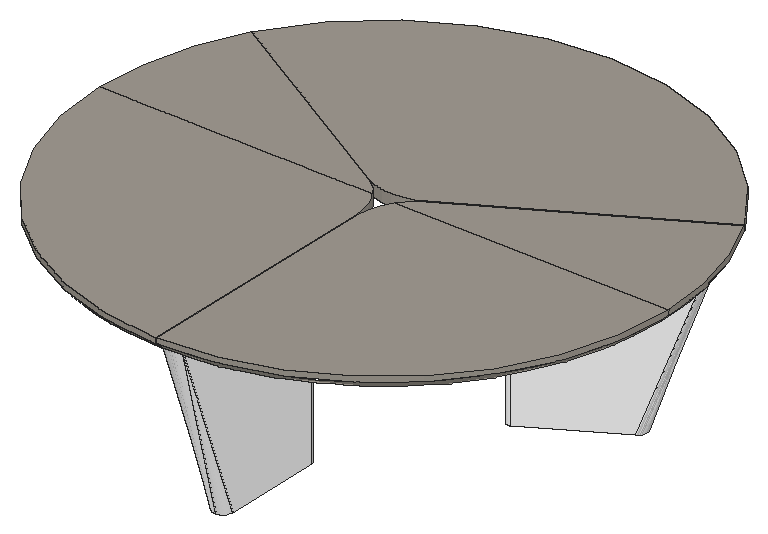
Revit family "Table-Lounge-Teknion-STCRS-Cavu_Table-R2014", category Furniture, Revit 2014
Parameters (values of type "60" dia x 20" h - Without Power")
  Width = 60"
  Warranty = "http://www.teknionstudio.com/pdfs/Teknion%20Studio%20Warranty.pdf"
  Unit Weight = 0.00 kip  # constant formula
  URL = "www.teknionstudio.com"
  Table Finish [instance] = Veneer - StudioTK - P8 - Natural Oak
  Series = "Studio"  # constant formula
  Product Page URL = ""
  Product Line = "Cavu"  # constant formula
  Product Documentation Link = "http://www.teknionstudio.com/pricing/STCRS_ppg.pdf"
  Part Number = "STCRS"  # constant formula
  Model = "STCRS6020N"
  Manufacturer Phone = "919-464-2920"  # constant formula
  Manufacturer Fax = "919-464-2927"  # constant formula
  Manufacturer Email = "customersupport@teknionstudio.com"
  Manufacturer Address = "3941 US 70 Business HWY West, Clayton, NC 27520"  # constant formula
  Manufacturer = "StudioTK"  # constant formula
  Low Emitting Material = yes
  Low Emitting Finish = yes
  Length top support = if(Width = 60", 29.38", if(Width = 72", 39.75", 50.13"))  # 29.38"
  Height = 20"
  Description = "Cavu Round Table, 60\" dia. / 152cm, 20\"H / 51cm, Without Power"
  Base Finish [instance] = Metal - StudioTK - V - Painted Very White
  Assembly Code = "E2020200"
Types (11): name | Width | Table Finish | Model | Length top support | Height | Description | Base Finish
  60" dia x 20" h - Without Power | 60" | Veneer - StudioTK - P8 - Natural Oak | "STCRS6020N" | 29.38" | 20" | "Cavu Round Table, 60\" dia. / 152cm, 20\"H / 51cm, Without Power" | Metal - StudioTK - V - Painted Very White
  84" dia x 29" h - Without Power | 84" | none | "STCRS8429N" | 50.13" | 29" | "Cavu Round Table, 84\" dia. / 213cm, 29\"H / 74cm, Without Power" | none
  84" dia x 26" h - Without Power | 84" | none | "STCRS8426N" | 50.13" | 26" | "Cavu Round Table, 84\" dia. / 213cm, 26\"H / 66cm, Without Power" | none
  84" dia x 20" h - Without Power | 84" | none | "STCRS8420N" | 50.13" | 20" | "Cavu Round Table, 84\" dia. / 213cm, 20\"H / 51cm, Without Power" | none
  72" dia x 29" h - Without Power | 72" | none | "STCRS7229N" | 39.75" | 29" | "Cavu Round Table, 72\" dia. / 183cm, 29\"H / 74cm, Without Power" | none
  72" dia x 26" h - Without Power | 72" | none | "STCRS7226N" | 39.75" | 26" | "Cavu Round Table, 72\" dia. / 183cm, 26\"H / 66cm, Without Power" | none
  72" dia x 20" h - Without Power | 72" | none | "STCRS7220N" | 39.75" | 20" | "Cavu Round Table, 72\" dia. / 183cm, 20\"H / 51cm, Without Power" | none
  60" dia x 42" h - Without Power | 60" | none | "STCRS6042N" | 29.38" | 42" | "Cavu Round Table, 60\" dia. / 152cm, 42\"H / 107cm, Without Power" | none
  60" dia x 36" h - Without Power | 60" | none | "STCRS6036N" | 29.38" | 36" | "Cavu Round Table, 60\" dia. / 152cm, 36\"H / 91cm, Without Power" | none
  60" dia x 29" h - Without Power | 60" | none | "STCRS6029N" | 29.38" | 29" | "Cavu Round Table, 60\" dia. / 152cm, 29\"H / 74cm, Without Power" | none
  60" dia x 26" h - Without Power | 60" | none | "STCRS6026N" | 29.38" | 26" | "Cavu Round Table, 60\" dia. / 152cm, 26\"H / 66cm, Without Power" | none
Reference planes (in)
  plane 1 "Center Front/Back": y = 0
  plane 2: z = 0
  plane 3 "Center Left/Right": x = 0
  plane 4: x = -30
  plane 5: x = 30
  plane 6 "Top": z = 20
  plane 7 "Bottom worksurface": z = 18.75
  plane 8 "middle worksurface": z = 19.45
  plane 9: through (0, 0, 48) normal (-0.5, 0.866, 0)
  plane 10: through (0, 0, 48) normal (-0.5, -0.866, 0)
  plane 11 "bottom to support": z = 16
  plane 12 "top electric": z = 20.1
Forms (in)
  Revolve 1, solid, material "Veneer - StudioTK - P8 - Natural Oak" <- "Table Finish"
    sketch origin (0, 0, 0) x (1, 0, 0) y (0, 0, 1)
      loop
        line (-30, 20) -> (-30, 19.45) -> (-29.3, 18.75) -> (0, 18.75) -> (0, 20) -> (-30, 20)
      axis (0, 18.75) -> (0, 20)
    angle from 0 to 360
  Extrusion 2, void
    sketch origin (0, 0, 20) x (-1, 0, 0) y (0, -1, 0)
      loop
        arc (3.06104, -1.70956) -> (0.85681, 0.49468) -> (0.05, 3.50572) r 6.02208
        line (0.05, 3.50572) -> (-0.05, 3.50572)
        arc (-0.05, 3.50572) -> (-0.85681, 0.49468) -> (-3.06104, -1.70956) r 6.02208
        line (-3.06104, -1.70956) -> (-3.18532, -1.78131) -> (-3.13532, -1.86791) -> (-3.01104, -1.79616)
        arc (-3.01104, -1.79616) -> (0, -0.98935) -> (3.01104, -1.79616) r 6.02208
        line (3.01104, -1.79616) -> (3.06104, -1.70956)
    from 0 to -1.25
  Extrusion 3, void
    sketch origin (0, 0, 20) x (-1, 0, 0) y (0, -1, 0)
      loop
        line (-3.13532, -1.86791) -> (-3.18532, -1.78131) -> (-26.00573, -14.95668) -> (-25.95573, -15.04328) -> (-3.13532, -1.86791)
    from -1.25 to 0
  Extrusion 4, void
    sketch origin (0, 0, 20) x (-1, 0, 0) y (0, -1, 0)
      loop
        line (3.01104, -1.79616) -> (25.95573, -15.04328) -> (26.00573, -14.95668) -> (3.06104, -1.70956) -> (3.01104, -1.79616)
    from -1.25 to 0
  Extrusion 5, void
    sketch origin (0, 0, 0) x (1, 0, 0) y (0, 0, 1)
      loop
        line (-0.05, 20) -> (-0.05, 18.75) -> (0.05, 18.75) -> (0.05, 20) -> (-0.05, 20)
    from 3.50572 to 42.68851
  Extrusion 6, solid, material "Metal - StudioTK - V - Painted Very White" <- "Base Finish"
    sketch origin (0, 0, 20) x (-1, 0, 0) y (0, -1, 0)
      loop
        line (14.69, -9.64) -> (15.19174, -8.77096) -> (9.69303, -5.59628) -> (-9.69303, -5.59628) -> (-15.19174, -8.77096) -> (-14.69, -9.64) -> (14.69, -9.64)
    from -4 to -1.25
  Extrusion 7, solid, material "Metal - StudioTK - V - Painted Very White" <- "Base Finish"
    sketch origin (0, 0, 20) x (-0.5, 0.866025, 0) y (-0.866025, -0.5, 0)
      loop
        line (14.69, 9.64) -> (-14.69, 9.64) -> (-15.19174, 8.77096) -> (-9.69303, 5.59628) -> (9.69303, 5.59628) -> (15.19174, 8.77096) -> (14.69, 9.64)
    from -4 to -1.25
  Extrusion 8, solid, material "Metal - StudioTK - V - Painted Very White" <- "Base Finish"
    sketch origin (0, 0, 20) x (0.5, 0.866025, 0) y (-0.866025, 0.5, 0)
      loop
        line (14.69, -9.64) -> (15.19174, -8.77096) -> (9.69303, -5.59628) -> (-9.69303, -5.59628) -> (-15.19174, -8.77096) -> (-14.69, -9.64) -> (14.69, -9.64)
    from -4 to -1.25
  Blend 9, solid, material "Metal - StudioTK - V - Painted Very White" <- "Base Finish"
    base sketch origin (0, 0, 20) x (-1, 0, 0) y (0, -1, 0)
      loop
        line (0, 10.33255) -> (0.49652, 10.33255)
        arc (0.49652, 10.33255) -> (0.85007, 10.479) -> (0.99652, 10.83255) r 0.5
        line (0.99652, 10.83255) -> (0.99652, 21.23255)
        arc (0.99652, 21.23255) -> (0.70363, 21.93966) -> (-0.00348, 22.23255) r 1
        arc (-0.00348, 22.23255) -> (-0.70567, 21.9417) -> (-0.99652, 21.23951) r 0.99304
        line (-0.99652, 21.23951) -> (-0.99652, 10.83255)
        arc (-0.99652, 10.83255) -> (-0.85007, 10.479) -> (-0.49652, 10.33255) r 0.5
        line (-0.49652, 10.33255) -> (0, 10.33255)
    top sketch origin (0, 0, 20) x (-1, 0, 0) y (0, -1, 0)
      loop
        arc (0.49652, 10.33255) -> (0.85007, 10.479) -> (0.99652, 10.83255) r 0.5
        line (0.99652, 10.83255) -> (0.99652, 28.08255)
        arc (0.99652, 28.08255) -> (0, 28.71255) -> (-0.99652, 28.08255) r 1.10314
        line (-0.99652, 28.08255) -> (-0.99652, 10.83255)
        arc (-0.99652, 10.83255) -> (-0.85007, 10.479) -> (-0.49652, 10.33255) r 0.5
        line (-0.49652, 10.33255) -> (0.49652, 10.33255)
    from -20 to -1.25
  Blend 10, solid, material "Metal - StudioTK - V - Painted Very White" <- "Base Finish"
    base sketch origin (0, 0, 20) x (0.5, 0.866025, 0) y (-0.866025, 0.5, 0)
      loop
        line (0, 10.33255) -> (0.49652, 10.33255)
        arc (0.49652, 10.33255) -> (0.85007, 10.479) -> (0.99652, 10.83255) r 0.5
        line (0.99652, 10.83255) -> (0.99652, 21.23255)
        arc (0.99652, 21.23255) -> (0.70363, 21.93966) -> (-0.00348, 22.23255) r 1
        arc (-0.00348, 22.23255) -> (-0.70567, 21.9417) -> (-0.99652, 21.23951) r 0.99304
        line (-0.99652, 21.23951) -> (-0.99652, 10.83255)
        arc (-0.99652, 10.83255) -> (-0.85007, 10.479) -> (-0.49652, 10.33255) r 0.5
        line (-0.49652, 10.33255) -> (0, 10.33255)
    top sketch origin (0, 0, 20) x (0.5, 0.866025, 0) y (-0.866025, 0.5, 0)
      loop
        arc (0.49652, 10.33255) -> (0.85007, 10.479) -> (0.99652, 10.83255) r 0.5
        line (0.99652, 10.83255) -> (0.99652, 28.08255)
        arc (0.99652, 28.08255) -> (0, 28.71255) -> (-0.99652, 28.08255) r 1.10314
        line (-0.99652, 28.08255) -> (-0.99652, 10.83255)
        arc (-0.99652, 10.83255) -> (-0.85007, 10.479) -> (-0.49652, 10.33255) r 0.5
        line (-0.49652, 10.33255) -> (0.49652, 10.33255)
    from -20 to -1.25
  Blend 11, solid, material "Metal - StudioTK - V - Painted Very White" <- "Base Finish"
    base sketch origin (0, 0, 20) x (-0.5, 0.866025, 0) y (-0.866025, -0.5, 0)
      loop
        arc (0.99652, -10.69255) -> (0.85007, -10.339) -> (0.49652, -10.19255) r 0.5
        line (0.49652, -10.19255) -> (-0.49652, -10.19255)
        arc (-0.49652, -10.19255) -> (-0.85007, -10.339) -> (-0.99652, -10.69255) r 0.5
        line (-0.99652, -10.69255) -> (-0.99652, -21.09951)
        arc (-0.99652, -21.09951) -> (-0.70567, -21.8017) -> (-0.00348, -22.09255) r 0.99304
        arc (-0.00348, -22.09255) -> (0.70363, -21.79966) -> (0.99652, -21.09255) r 1
        line (0.99652, -21.09255) -> (0.99652, -10.69255)
    top sketch origin (0, 0, 20) x (-0.5, 0.866025, 0) y (-0.866025, -0.5, 0)
      loop
        line (0.49652, -10.19255) -> (-0.49652, -10.19255)
        arc (-0.49652, -10.19255) -> (-0.85007, -10.339) -> (-0.99652, -10.69255) r 0.5
        line (-0.99652, -10.69255) -> (-0.99652, -28.07569)
        arc (-0.99652, -28.07569) -> (0, -28.70569) -> (0.99652, -28.07569) r 1.10314
        line (0.99652, -28.07569) -> (0.99652, -10.69255)
        arc (0.99652, -10.69255) -> (0.85007, -10.339) -> (0.49652, -10.19255) r 0.5
    from -20 to -1.25
Cuts and joins
  Extrusion 2, Extrusion 3, Extrusion 4, Extrusion 5 cuts Revolve 1
  joined: Extrusion 6, Extrusion 7, Extrusion 8, Blend 9
Lines and regions (in)
  Masking region 1
    outline origin (0, 0, 20) x (-1, 0, 0) y (0, -1, 0)
      loop
        circle (0, 0) r 30
  Masking region 2, not visible
    outline origin (0, 0, 20) x (-1, 0, 0) y (0, -1, 0)
  symbolic lines, style "Furniture"
    curve 1: arc (3.06104, 1.70956, 20) -> (0.85681, -0.49468, 20) -> (0.05, -3.50572, 20) r 6.02208
    curve 2: arc (3.01104, 1.79616, 20) -> (0, 0.98935, 20) -> (-3.01104, 1.79616, 20) r 6.02208
  symbolic lines, style "Furniture", detail levels medium+fine
    curve 3: line (0.05, -29.99996, 20) -> (0.05, -3.50572, 20)
  symbolic lines
    curve 4: arc (-3.06104, 1.70956, 20) -> (-0.85681, -0.49468, 20) -> (-0.05, -3.50572, 20) r 6.02208
    curve 6: line (-3.01104, 1.79616, 20) -> (-25.95573, 15.04328, 20)
    curve 7: line (25.95573, 15.04328, 20) -> (3.01104, 1.79616, 20)
    curve 8: line (-26.00573, 14.95668, 20) -> (-3.06104, 1.70956, 20)
    curve 9: line (-0.05, -3.50572, 20) -> (-0.05, -29.99996, 20)
    curve 10: line (0.05, -29.99996, 20) -> (0.05, -3.50572, 20)
    curve 11: line (3.06104, 1.70956, 20) -> (26.00573, 14.95668, 20)
  symbolic lines, detail levels medium+fine
    curve 5: line (-0.05, -3.50572, 20) -> (-0.05, -29.99996, 20)
  symbolic lines, style "FurnitureHiddenLines", detail levels fine
    curve 12: line (-14.69, 9.64, 20) -> (-15.69348, 7.90191, 20)
    curve 13: line (14.69, 9.64, 20) -> (-14.69, 9.64, 20)
    curve 14: line (15.69348, 7.90191, 20) -> (14.69, 9.64, 20)
    curve 15: line (0.99652, -17.55397, 20) -> (15.69348, 7.90191, 20)
    curve 16: line (-15.69348, 7.90191, 20) -> (-0.99652, -17.55397, 20)
    curve 17: line (-0.49652, -10.33255, 20) -> (-9.69303, 5.59628, 20)
    curve 18: line (-9.69303, 5.59628, 20) -> (9.69303, 5.59628, 20)
    curve 19: line (9.69303, 5.59628, 20) -> (0.49652, -10.33255, 20)
  symbolic lines, style "FurnitureHiddenLines", detail levels medium+fine
    curve 20: arc (-23.82194, 14.90429, 20) -> (-24.8658, 14.35628, 20) -> (-24.81846, 13.17826, 20) r 1.10314
    curve 21: line (-8.883, 6.27929, 20) -> (-23.82194, 14.90429, 20)
    curve 22: arc (-8.69999, 5.59628, 20) -> (-8.65004, 5.97568, 20) -> (-8.883, 6.27929, 20) r 0.5
    curve 23: line (-9.19651, 4.73628, 20) -> (-8.69999, 5.59628, 20)
    curve 24: arc (-9.87952, 4.55326, 20) -> (-9.50012, 4.50331, 20) -> (-9.19651, 4.73628, 20) r 0.5
    curve 25: line (-24.81846, 13.17826, 20) -> (-9.87952, 4.55326, 20)
    curve 26: line (23.816, 14.90086, 20) -> (8.76176, 6.20929, 20)
    curve 27: arc (24.81252, 13.17483, 20) -> (24.85986, 14.35284, 20) -> (23.816, 14.90086, 20) r 1.10314
    curve 28: line (9.75828, 4.48326, 20) -> (24.81252, 13.17483, 20)
    curve 29: arc (9.07527, 4.66628, 20) -> (9.37887, 4.43331, 20) -> (9.75828, 4.48326, 20) r 0.5
    curve 30: line (8.57875, 5.52628, 20) -> (9.07527, 4.66628, 20)
    curve 31: arc (8.76176, 6.20929, 20) -> (8.5288, 5.90568, 20) -> (8.57875, 5.52628, 20) r 0.5
    curve 32: arc (0.99652, -10.83255, 20) -> (0.85007, -10.479, 20) -> (0.49652, -10.33255, 20) r 0.5
    curve 33: line (0.99652, -28.08255, 20) -> (0.99652, -10.83255, 20)
    curve 34: arc (-0.99652, -28.08255, 20) -> (0, -28.71255, 20) -> (0.99652, -28.08255, 20) r 1.10314
    curve 35: line (-0.99652, -10.83255, 20) -> (-0.99652, -28.08255, 20)
    curve 36: arc (-0.49652, -10.33255, 20) -> (-0.85007, -10.479, 20) -> (-0.99652, -10.83255, 20) r 0.5
    curve 37: line (0.49652, -10.33255, 20) -> (-0.49652, -10.33255, 20)
Dimensions and locks (in)
  "Width": plane 4 to plane 5
  equal spacing: plane 4, plane 3 "Center Left/Right", plane 5
  "Height": plane 6 "Top" to level
  locked: plane 6 "Top" to plane 7 "Bottom worksurface" at 1.25
  locked: plane 6 "Top" to plane 8 "middle worksurface" at 0.55
  Extrusion 3 sketch curve to plane 9 to Extrusion 3 sketch curve = 0.05" locked, 0.05" locked
  Extrusion 4 sketch curve to plane 10 to Extrusion 4 sketch curve = 0.05" locked, 0.05" locked
  "Length top support": Extrusion 6 sketch curve to Extrusion 6 sketch curve
  locked: plane 6 "Top" to plane 11 "bottom to support" at 4
  equal spacing: Extrusion 6 sketch curve, plane 3 "Center Left/Right", Extrusion 6 sketch curve
  locked: Extrusion 6 sketch curve to Extrusion 6 sketch curve at 6.34936  (x2)
  "Length top support": Extrusion 7 sketch curve to Extrusion 7 sketch curve
  Extrusion 7 sketch curve to Extrusion 7 sketch curve = 29.38"
  locked: Extrusion 7 sketch curve to Extrusion 7 sketch curve at 6.34936  (x2)
  "Length top support": Extrusion 8 sketch curve to Extrusion 8 sketch curve
  Extrusion 8 sketch curve to Extrusion 8 sketch curve = 29.38"
  locked: Extrusion 8 sketch curve to Extrusion 8 sketch curve at 6.34936  (x2)
  locked: Extrusion 6 sketch curve to Extrusion 6 sketch curve at 1.00348  (x2)
  locked: Blend 9 sketch curve to Extrusion 8 at 0.86
  locked: Blend 9 sketch curve to plane 3 "Center Left/Right" at 0.99652
  locked: Blend 9 sketch curve to Blend 9 sketch curve at 0.5  (x2)
  locked: Blend 9 sketch curve to Blend 9 sketch curve at 10.9
  locked: Extrusion 8 to Blend 9 sketch curve at 0.86
  locked: Blend 9 sketch curve to Blend 9 sketch curve at 17.27686
  equal spacing: Blend 9 sketch curve, plane 3 "Center Left/Right", Blend 9 sketch curve
  locked: Blend 10 sketch curve to Blend 10 sketch curve at 10.9
  locked: Blend 10 sketch curve to Blend 10 sketch curve at 17.27686
  Blend 10 sketch curve to Blend 10 sketch curve = 1.99304"  (x3)
  locked: Blend 10 sketch curve to Blend 10 sketch curve at 1.99304
  locked: Blend 10 sketch curve to cut or joined group of Extrusion 6, Extrusion 7, Extrusion 8, Blend 9 at 0.86
  locked: cut or joined group of Extrusion 6, Extrusion 7, Extrusion 8, Blend 9 to Blend 10 sketch curve at 0.86
  locked: Blend 11 sketch curve to Blend 11 sketch curve at 17.41
  Blend 11 sketch curve to Blend 11 sketch curve = 1.99304"  (x3)
  locked: Blend 11 sketch curve to Blend 11 sketch curve at 1.99304
  locked: Blend 11 sketch curve to cut or joined group of Extrusion 6, Extrusion 7, Extrusion 8, Blend 9 at 1  (x2)
  locked: Blend 11 sketch curve to Blend 11 sketch curve at 10.9
  locked: plane 12 "top electric" to plane 6 "Top" at 0.1
  locked: plane 3 "Center Left/Right" to plane 10 (angle 60.00°)
  locked: plane 9 to plane 3 "Center Left/Right" (angle 60.00°)
  aligned and locked: level to plane 2
  aligned and locked: Revolve 1 sketch curve to plane 4
  aligned and locked: plane 7 "Bottom worksurface" to Revolve 1 sketch curve
  aligned and locked: Revolve 1 sketch curve to plane 6 "Top"
  aligned and locked: Revolve 1 sketch curve to plane 3 "Center Left/Right"
  aligned and locked: plane 6 "Top" to Extrusion 2
  aligned and locked: Extrusion 2 to plane 7 "Bottom worksurface"
  aligned and locked: Extrusion 3 to plane 7 "Bottom worksurface"
  aligned and locked: plane 6 "Top" to Extrusion 3
  aligned and locked: Extrusion 4 to plane 7 "Bottom worksurface"
  aligned and locked: plane 6 "Top" to Extrusion 4
  aligned and locked: cut or joined group of Revolve 1, Extrusion 2, Extrusion 3, Extrusion 4, Extrusion 5 to Extrusion 5 sketch curve
  aligned and locked: Extrusion 5 sketch curve to cut or joined group of Revolve 1, Extrusion 2, Extrusion 3, Extrusion 4, Extrusion 5  (x3)
  aligned and locked: cut or joined group of Revolve 1, Extrusion 2, Extrusion 3, Extrusion 4, Extrusion 5 to cut or joined group of Revolve 1, Extrusion 2, Extrusion 3, Extrusion 4, Extrusion 5
  aligned and locked: plane 7 "Bottom worksurface" to Extrusion 6
  aligned and locked: Extrusion 6 to plane 11 "bottom to support"
  aligned and locked: plane 10 to Extrusion 6 sketch curve
  aligned and locked: Extrusion 6 sketch curve to plane 10
  aligned and locked: plane 9 to Extrusion 6 sketch curve
  aligned and locked: plane 10 to Extrusion 7
  aligned and locked: Extrusion 6 to plane 10
  aligned and locked: Extrusion 8 to plane 3 "Center Left/Right"
  aligned and locked: plane 3 "Center Left/Right" to Extrusion 7
  aligned and locked: plane 9 to Extrusion 8
  aligned and locked: plane 7 "Bottom worksurface" to Extrusion 7
  aligned and locked: Extrusion 7 to plane 11 "bottom to support"
  aligned and locked: Extrusion 8 to plane 11 "bottom to support"
  aligned and locked: plane 7 "Bottom worksurface" to Extrusion 8
  aligned and locked: Blend 9 sketch curve to var sketch
  aligned and locked: Blend 9 to level
  aligned and locked: plane 7 "Bottom worksurface" to Blend 9
  aligned and locked: Blend 10 sketch curve to var sketch
  aligned and locked: cut or joined group of Extrusion 6, Extrusion 7, Extrusion 8, Blend 9 to cut or joined group of Extrusion 6, Extrusion 7, Extrusion 8, Blend 9  (x5)
  aligned and locked: Blend 11 sketch curve to var sketch
  aligned and locked: curve 2 to cut or joined group of Revolve 1, Extrusion 2, Extrusion 3, Extrusion 4, Extrusion 5
  aligned and locked: cut or joined group of Revolve 1, Extrusion 2, Extrusion 3, Extrusion 4, Extrusion 5 to curve 3
  aligned and locked: curve 4 to cut or joined group of Revolve 1, Extrusion 2, Extrusion 3, Extrusion 4, Extrusion 5
  aligned and locked: Blend 10 to level
  aligned and locked: Blend 11 to level
  aligned and locked: cut or joined group of Revolve 1, Extrusion 2, Extrusion 3, Extrusion 4, Extrusion 5 to curve 7
  aligned and locked: cut or joined group of Revolve 1, Extrusion 2, Extrusion 3, Extrusion 4, Extrusion 5 to curve 8
  aligned and locked: cut or joined group of Revolve 1, Extrusion 2, Extrusion 3, Extrusion 4, Extrusion 5 to curve 10
  aligned and locked: curve 12 to cut or joined group of Extrusion 6, Extrusion 7, Extrusion 8, Blend 9
  aligned and locked: curve 13 to cut or joined group of Extrusion 6, Extrusion 7, Extrusion 8, Blend 9
  aligned and locked: curve 14 to cut or joined group of Extrusion 6, Extrusion 7, Extrusion 8, Blend 9
  aligned and locked: curve 15 to cut or joined group of Extrusion 6, Extrusion 7, Extrusion 8, Blend 9
  aligned and locked: curve 16 to cut or joined group of Extrusion 6, Extrusion 7, Extrusion 8, Blend 9
  aligned and locked: curve 17 to cut or joined group of Extrusion 6, Extrusion 7, Extrusion 8, Blend 9
  aligned and locked: curve 18 to cut or joined group of Extrusion 6, Extrusion 7, Extrusion 8, Blend 9
  aligned and locked: curve 19 to cut or joined group of Extrusion 6, Extrusion 7, Extrusion 8, Blend 9
  aligned and locked: curve 20 to Blend 10
  aligned and locked: curve 22 to Blend 10
  aligned and locked: curve 23 to Blend 10
  aligned and locked: curve 24 to Blend 10
  aligned and locked: curve 26 to Blend 11
  aligned and locked: curve 27 to Blend 11
  aligned and locked: curve 29 to Blend 11
  aligned and locked: curve 31 to Blend 11
  aligned and locked: curve 32 to cut or joined group of Extrusion 6, Extrusion 7, Extrusion 8, Blend 9
  aligned and locked: curve 33 to cut or joined group of Extrusion 6, Extrusion 7, Extrusion 8, Blend 9
  aligned and locked: curve 34 to cut or joined group of Extrusion 6, Extrusion 7, Extrusion 8, Blend 9
  aligned and locked: curve 36 to cut or joined group of Extrusion 6, Extrusion 7, Extrusion 8, Blend 9
  aligned and locked: Masking region 1 sketch curve to cut or joined group of Revolve 1, Extrusion 2, Extrusion 3, Extrusion 4, Extrusion 5
Automatic sketch dimensions
  Extrusion 3 sketch curve to plane 5 = 3.99427"
  Extrusion 3 sketch curve to plane 1 "Center Front/Back" = 1.78131"
  Extrusion 4 sketch curve to plane 1 "Center Front/Back" = 1.79616"
  plane 4 to Extrusion 4 sketch curve = 4.04427"
  Revolve 1 sketch curve to plane 3 "Center Left/Right" = 0"
  Revolve 1 sketch curve to plane 8 "middle worksurface" = 0"
  plane 4 to Revolve 1 sketch curve = 0.7"
  plane 6 "Top" to Revolve 1 sketch curve = 4.5"
  Revolve 1 sketch curve to Revolve 1 sketch curve = 7"
  plane 10 to Extrusion 2 sketch curve = 0"
  Extrusion 2 sketch curve to plane 3 "Center Left/Right" = 0"
  Extrusion 2 sketch curve to plane 9 = 0"
  plane 3 "Center Left/Right" to Extrusion 2 sketch curve = 0.05"
  Extrusion 2 sketch curve to plane 1 "Center Front/Back" = 1.79616"  (x2)
  plane 3 "Center Left/Right" to Extrusion 2 sketch curve = 3.01104"
  Extrusion 2 sketch curve to plane 1 "Center Front/Back" = 1.70956"  (x2)
  Extrusion 2 sketch curve to Extrusion 2 sketch curve = 0.12428"
  Extrusion 2 sketch curve to plane 1 "Center Front/Back" = 1.78131"
  plane 1 "Center Front/Back" to Extrusion 2 sketch curve = 3.50572"
  Extrusion 2 sketch curve to plane 3 "Center Left/Right" = 0.05"
  Extrusion 2 sketch curve to Extrusion 2 sketch curve = 5.21527"
  Extrusion 7 sketch curve to plane 3 "Center Left/Right" = 0"  (x2)
  Extrusion 7 sketch curve to plane 10 = 0"  (x2)
  Extrusion 7 sketch curve to Extrusion 7 sketch curve = 0.50174"
  Extrusion 8 sketch curve to plane 3 "Center Left/Right" = 0"  (x2)
  Extrusion 8 sketch curve to plane 9 = 0"  (x2)
  Extrusion 8 sketch curve to Extrusion 8 sketch curve = 0.50174"
  Blend 9 sketch curve to plane 3 "Center Left/Right" = 0"  (x2)
  plane 3 "Center Left/Right" to Blend 9 sketch curve = 0.00348"
  Blend 9 sketch curve to Blend 9 sketch curve = 0.49652"
  Blend 9 sketch curve to Blend 9 sketch curve = 0.00696"
  Blend 9 sketch curve to plane 3 "Center Left/Right" = 0.49652"
  Blend 9 sketch curve to Blend 9 sketch curve = 0.47314"
  Blend 10 sketch curve to plane 10 = 0"  (x2)
  Blend 10 sketch curve to plane 10 = 0.00348"
  Blend 10 sketch curve to Blend 10 sketch curve = 0.49652"
  Blend 10 sketch curve to Blend 10 sketch curve = 0.99304"
  plane 10 to Blend 10 sketch curve = 0.49652"  (x2)
  Blend 10 sketch curve to Blend 10 sketch curve = 0.00696"
  Blend 10 sketch curve to Blend 10 sketch curve = 0.5"
  Blend 10 sketch curve to Blend 10 sketch curve = 0.47314"
  plane 9 to Blend 11 sketch curve = 0.99652"
  plane 9 to Blend 11 sketch curve = 0.49652"
  plane 9 to Blend 11 sketch curve = 0.00348"
  Blend 11 sketch curve to plane 9 = 0.49652"  (x2)
  Blend 11 sketch curve to Blend 11 sketch curve = 0.00696"
  Blend 11 sketch curve to plane 9 = 0"
  Blend 11 sketch curve to Blend 11 sketch curve = 0.5"
  Blend 11 sketch curve to Blend 11 sketch curve = 0.47314"
  curve 5 to curve 3 = 0"
  curve 6 to curve 8 = 0.05"
  curve 6 to curve 8 = 0.0866"
  curve 9 to curve 5 = 0"
  curve 10 to curve 3 = 0"
  curve 11 to curve 7 = 0.05"
  curve 7 to curve 11 = 0.0866"
  curve 22 to curve 22 = 0.25"
  curve 24 to curve 24 = 0.25"
  curve 20 to curve 25 = 0.90801"
  curve 21 to curve 20 = 0.08851"
  curve 7 to curve 26 = 2.13973"
  curve 28 to curve 18 = 0.06525"
  curve 29 to curve 29 = 0.43301"
  curve 28 to curve 27 = 0.90801"
  curve 26 to curve 30 = 0.18301"
  curve 31 to curve 30 = 0.43301"
  curve 33 to curve 3 = 1.91741"
  plane 10 to curve 1 = 0"
  plane 1 "Center Front/Back" to curve 1 = 3.50572"
  curve 8 to plane 1 "Center Front/Back" = 1.70956"
  curve 21 to curve 6 = 2.13378"
  curve 6 to plane 1 "Center Front/Back" = 1.79616"
  curve 7 to plane 1 "Center Front/Back" = 1.79616"
  curve 11 to plane 1 "Center Front/Back" = 1.70956"
